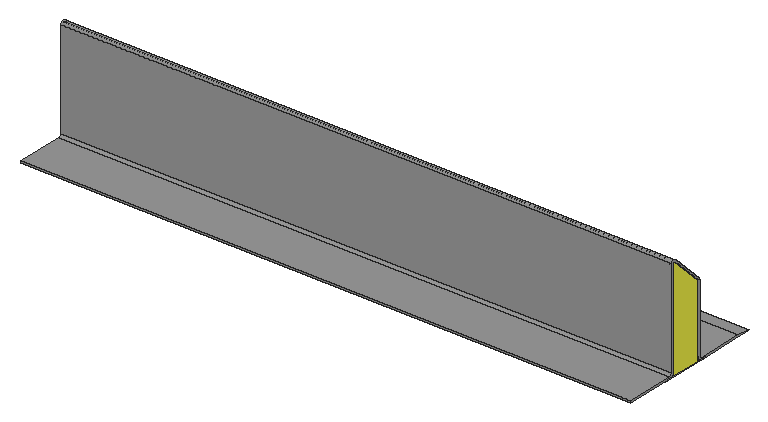
Revit family "XHD K 70 WOL", category Generic Models, Revit 2014
Parameters (values of type "Max lintel length 2100mm")
  URL = "http://www.keystonelintels.co.uk"
  Structural Opening [instance] = 900 mm
  Structural Performance = "The Keystone lintel range has safe working loads as detailed in each applicable loading table in the Keystone Lintel Guide brochure. The structural performance figures within each table have been ascertained by testing in accordance with the requirements of standards BS EN 5977-2: 1983 and BS EN 845-2: 2003."
  RIBA Productor Selector = "available for Keystone Lintels Ltd from Keystone Lintels Ltd from ribaproductselector.com"
  Model = "XHD/K 70 WOL"
  Min Length = 600 mm
  Min Clear Span = 300 mm
  Max Length = 2100 mm
  Max Clear Span = 2100 mm
  Material - Stainless Steel = "Grade 304 2b 1.4307 to BS EN 10088-2. Other grades available on request: contact manufacturer."
  Material - Galvanised Steel = "To BS EN 10346: 2009. DX51D plus Z600 or grade Z275 to BS 5977-2: 1983 (BS EN 845-2: 2003)."
  Manufacturer = "Keystone"
  Manufactured Length [instance] = (roundup(Effective Length / 150 mm) * 150 mm)  # 1200 mm
  Lintel height [instance] = 2100 mm
  Keynote = "F30/755"
  Fire Performance = "Keystone lintels have been subjected to a fire test (WARRES No. 101263) in accordance with BS 476-20: 1987, at Exova Warrington Fire and achieved a one hour fire performance."
  End Bearing = 150 mm
  Effective Length [instance] = Clear Opening with MIN MAX set + End Bearing * 2  # 1200 mm
  Corrosion = "Keystone’s standard range of lintels are manufactured from high quality grade pre-galvanized carbon steel with a zinc coating of 600"
  Contact Tel = "+44 (0)28 8676 2184"
  Contact Email = "info@keystonelintels.co.uk"
  Clear Opening with MIN MAX set [instance] = if(Structural Opening < Min Clear Span, Min Clear Span, (if(Structural Opening > Max Clear Span, Max Clear Span, Structural Opening)))  # 900 mm
  CPD Information = "Available for Keystone Lintels Ltd from ribacpd.com"
Reference planes
  plane 1 "Center (Front/Back)": y = 0
  plane 2: z = 0
  plane 3 "Center (Left/Right)": x = 0
  plane 4: x = -600
  plane 5: x = 600
  plane 6: z = 2100
  plane 7: x = -450
  plane 8: x = 450
Forms (mm)
  Extrusion 1, solid, material "Steel"
    sketch origin (0, 725.571, -508.221) x (0, 1, 0) y (0, 0, 1)
      loop
        line (-598.045, 2608.221) -> (-573.103, 2607.309) -> (-572.986, 2610.506) -> (-597.986, 2611.421) -> (-687.986, 2611.421)
        arc (-687.986, 2611.421) -> (-691.522, 2612.886) -> (-692.986, 2616.421) r 5
        line (-692.986, 2616.421) -> (-692.986, 2750.375)
        arc (-692.986, 2750.375) -> (-693.381, 2752.363) -> (-694.507, 2754.049) r 5.2
        line (-694.507, 2754.049) -> (-752.107, 2811.735)
        arc (-752.107, 2811.735) -> (-757.774, 2812.866) -> (-760.986, 2808.061) r 5.2
        line (-760.986, 2808.061) -> (-760.986, 2616.421)
        arc (-760.986, 2616.421) -> (-762.451, 2612.886) -> (-765.986, 2611.421) r 5
        line (-765.986, 2611.421) -> (-860.986, 2611.421) -> (-860.986, 2608.221) -> (-765.986, 2608.221)
        arc (-765.986, 2608.221) -> (-760.188, 2610.623) -> (-757.786, 2616.421) r 8.2
        line (-757.786, 2616.421) -> (-757.786, 2808.061)
        arc (-757.786, 2808.061) -> (-756.551, 2809.909) -> (-754.371, 2809.474) r 2
        line (-754.371, 2809.474) -> (-696.771, 2751.788)
        arc (-696.771, 2751.788) -> (-696.338, 2751.14) -> (-696.186, 2750.375) r 2
        line (-696.186, 2750.375) -> (-696.186, 2616.421)
        arc (-696.186, 2616.421) -> (-693.784, 2610.623) -> (-687.986, 2608.221) r 8.2
        line (-687.986, 2608.221) -> (-598.045, 2608.221)
    from -600 to 600
  Extrusion 2, solid, material "Steel"
    sketch origin (0, 725.571, -508.221) x (0, 1, 0) y (0, 0, 1)
      loop
        line (-774.486, 2607.221) -> (-679.486, 2607.221) -> (-679.486, 2608.221) -> (-696.486, 2608.221) -> (-696.486, 2616.221) -> (-697.486, 2616.221) -> (-697.486, 2608.221) -> (-774.486, 2608.221) -> (-774.486, 2607.221)
    from -600 to 600
  Extrusion 3, solid, material "Insulation"
    sketch origin (0, 725.571, -508.221) x (0, 1, 0) y (0, 0, 1)
      loop
        line (-757.786, 2808.061) -> (-757.786, 2616.421)
        arc (-757.786, 2616.421) -> (-760.188, 2610.623) -> (-765.986, 2608.221) r 8.2
        line (-765.986, 2608.221) -> (-697.486, 2608.221) -> (-697.486, 2616.221) -> (-696.486, 2616.221) -> (-696.486, 2608.221) -> (-687.986, 2608.221)
        arc (-687.986, 2608.221) -> (-693.784, 2610.623) -> (-696.186, 2616.421) r 8.2
        line (-696.186, 2616.421) -> (-696.186, 2750.375)
        arc (-696.186, 2750.375) -> (-696.338, 2751.14) -> (-696.771, 2751.788) r 2
        line (-696.771, 2751.788) -> (-754.371, 2809.474)
        arc (-754.371, 2809.474) -> (-756.551, 2809.909) -> (-757.786, 2808.061) r 2
    from -600 to 600
  Extrusion 4, solid, not visible
    sketch origin (0, 1044.346, 1265.859) x (0, 1, 0) y (0, 0, 1)
      loop
        line (-598.045, 1008.221) -> (-573.103, 1007.309) -> (-572.986, 1010.506) -> (-597.986, 1011.421) -> (-687.986, 1011.421)
        arc (-687.986, 1011.421) -> (-691.522, 1012.886) -> (-692.986, 1016.421) r 5
        line (-692.986, 1016.421) -> (-692.986, 1150.375)
        arc (-692.986, 1150.375) -> (-693.381, 1152.363) -> (-694.507, 1154.049) r 5.2
        line (-694.507, 1154.049) -> (-752.107, 1211.735)
        arc (-752.107, 1211.735) -> (-757.774, 1212.866) -> (-760.986, 1208.061) r 5.2
        line (-760.986, 1208.061) -> (-760.986, 1016.421)
        arc (-760.986, 1016.421) -> (-762.451, 1012.886) -> (-765.986, 1011.421) r 5
        line (-765.986, 1011.421) -> (-860.986, 1011.421) -> (-860.986, 1008.221) -> (-765.986, 1008.221)
        arc (-765.986, 1008.221) -> (-760.188, 1010.623) -> (-757.786, 1016.421) r 8.2
        line (-757.786, 1016.421) -> (-757.786, 1208.061)
        arc (-757.786, 1208.061) -> (-756.551, 1209.909) -> (-754.371, 1209.474) r 2
        line (-754.371, 1209.474) -> (-696.771, 1151.788)
        arc (-696.771, 1151.788) -> (-696.338, 1151.14) -> (-696.186, 1150.375) r 2
        line (-696.186, 1150.375) -> (-696.186, 1016.421)
        arc (-696.186, 1016.421) -> (-693.784, 1010.623) -> (-687.986, 1008.221) r 8.2
        line (-687.986, 1008.221) -> (-598.045, 1008.221)
    from 0 to 250
  Extrusion 5, solid, not visible
    sketch origin (0, 526.631, 1248.96) x (0, 1, 0) y (0, 0, 1)
      loop
        line (-757.786, 1208.061) -> (-757.786, 1016.421)
        arc (-757.786, 1016.421) -> (-760.188, 1010.623) -> (-765.986, 1008.221) r 8.2
        line (-765.986, 1008.221) -> (-697.486, 1008.221) -> (-697.486, 1016.221) -> (-696.486, 1016.221) -> (-696.486, 1008.221) -> (-687.986, 1008.221)
        arc (-687.986, 1008.221) -> (-693.784, 1010.623) -> (-696.186, 1016.421) r 8.2
        line (-696.186, 1016.421) -> (-696.186, 1150.375)
        arc (-696.186, 1150.375) -> (-696.338, 1151.14) -> (-696.771, 1151.788) r 2
        line (-696.771, 1151.788) -> (-754.371, 1209.474)
        arc (-754.371, 1209.474) -> (-756.551, 1209.909) -> (-757.786, 1208.061) r 2
    from 0 to 250
  Extrusion 6, solid, not visible
    sketch origin (0, 975.361, 1025.086) x (0, 1, 0) y (0, 0, 1)
      loop
        line (-774.486, 1007.221) -> (-679.486, 1007.221) -> (-679.486, 1008.221) -> (-696.486, 1008.221) -> (-696.486, 1016.221) -> (-697.486, 1016.221) -> (-697.486, 1008.221) -> (-774.486, 1008.221) -> (-774.486, 1007.221)
    from 0 to 250
Dimensions and locks
  equal spacing: plane 4, plane 3 "Center (Left/Right)", plane 5
  "Manufactured Length": plane 4 to plane 5
  "Lintel height": plane 6 to level
  "Structural Opening": plane 7 to plane 8
  equal spacing: plane 7, plane 3 "Center (Left/Right)", plane 8
  aligned and locked: level to plane 2
  aligned and locked: Extrusion 1 to plane 6
  aligned and locked: Extrusion 3 to plane 6
  aligned and locked: plane 6 to Extrusion 2
  aligned and locked: plane 5 to Extrusion 1
  aligned and locked: Extrusion 1 to plane 4
  aligned and locked: plane 5 to Extrusion 2
  aligned and locked: Extrusion 2 to plane 4
  aligned and locked: plane 5 to Extrusion 3
  aligned and locked: Extrusion 3 to plane 4
Automatic sketch dimensions
  Extrusion 1 sketch curve to Extrusion 1 sketch curve = 89.941 mm
  Extrusion 1 sketch curve to Extrusion 1 sketch curve = 0.913 mm
  Extrusion 1 sketch curve to Extrusion 1 sketch curve = 0.059 mm
  Extrusion 1 sketch curve to Extrusion 1 sketch curve = 0.117 mm
  Extrusion 1 sketch curve to Extrusion 1 sketch curve = 3.198 mm
  Extrusion 1 sketch curve to Extrusion 1 sketch curve = 5 mm  (x2)
  Extrusion 1 sketch curve to Extrusion 1 sketch curve = 0 mm  (x17)
  Extrusion 1 sketch curve to Extrusion 1 sketch curve = 133.954 mm
  Extrusion 1 sketch curve to Extrusion 1 sketch curve = 2 mm
  Extrusion 1 sketch curve to Extrusion 1 sketch curve = 0.585 mm
  Extrusion 1 sketch curve to Extrusion 1 sketch curve = 57.6 mm
  Extrusion 1 sketch curve to Extrusion 1 sketch curve = 57.686 mm
  Extrusion 1 sketch curve to Extrusion 1 sketch curve = 2.264 mm  (x2)
  Extrusion 1 sketch curve to Extrusion 1 sketch curve = 2.261 mm
  Extrusion 1 sketch curve to Extrusion 1 sketch curve = 1.415 mm
  Extrusion 1 sketch curve to Extrusion 1 sketch curve = 1.413 mm
  Extrusion 1 sketch curve to Extrusion 1 sketch curve = 95 mm
  Extrusion 2 sketch curve to Extrusion 2 sketch curve = 95 mm
  Extrusion 2 sketch curve to Extrusion 2 sketch curve = 1 mm  (x2)
  Extrusion 2 sketch curve to Extrusion 2 sketch curve = 17 mm
  Extrusion 2 sketch curve to Extrusion 2 sketch curve = 8 mm
  Extrusion 2 sketch curve to Extrusion 2 sketch curve = 0 mm
  Extrusion 3 sketch curve to Extrusion 3 sketch curve = 1.415 mm  (x2)
  Extrusion 3 sketch curve to Extrusion 3 sketch curve = 2 mm
  Extrusion 3 sketch curve to Extrusion 3 sketch curve = 57.6 mm
  Extrusion 3 sketch curve to Extrusion 3 sketch curve = 57.686 mm
  Extrusion 3 sketch curve to Extrusion 3 sketch curve = 135.367 mm
  Extrusion 3 sketch curve to Extrusion 3 sketch curve = 1.413 mm
  Extrusion 3 sketch curve to Extrusion 3 sketch curve = 0 mm  (x3)
  Extrusion 3 sketch curve to Extrusion 3 sketch curve = 8.2 mm  (x3)
  Extrusion 3 sketch curve to Extrusion 3 sketch curve = 0.3 mm
  Extrusion 3 sketch curve to Extrusion 3 sketch curve = 0.2 mm
  Extrusion 3 sketch curve to Extrusion 3 sketch curve = 1 mm
  Extrusion 3 sketch curve to Extrusion 3 sketch curve = 8 mm
  Extrusion 4 sketch curve to Extrusion 4 sketch curve = 89.941 mm
  Extrusion 4 sketch curve to Extrusion 4 sketch curve = 0.913 mm
  Extrusion 4 sketch curve to Extrusion 4 sketch curve = 0.059 mm
  Extrusion 4 sketch curve to Extrusion 4 sketch curve = 0.117 mm
  Extrusion 4 sketch curve to Extrusion 4 sketch curve = 3.198 mm
  Extrusion 4 sketch curve to Extrusion 4 sketch curve = 5 mm  (x2)
  Extrusion 4 sketch curve to Extrusion 4 sketch curve = 0 mm  (x17)
  Extrusion 4 sketch curve to Extrusion 4 sketch curve = 133.954 mm
  Extrusion 4 sketch curve to Extrusion 4 sketch curve = 2 mm
  Extrusion 4 sketch curve to Extrusion 4 sketch curve = 0.585 mm
  Extrusion 4 sketch curve to Extrusion 4 sketch curve = 57.6 mm
  Extrusion 4 sketch curve to Extrusion 4 sketch curve = 57.686 mm
  Extrusion 4 sketch curve to Extrusion 4 sketch curve = 2.264 mm  (x2)
  Extrusion 4 sketch curve to Extrusion 4 sketch curve = 2.261 mm
  Extrusion 4 sketch curve to Extrusion 4 sketch curve = 1.415 mm
  Extrusion 4 sketch curve to Extrusion 4 sketch curve = 1.413 mm
  Extrusion 4 sketch curve to Extrusion 4 sketch curve = 95 mm
  Extrusion 5 sketch curve to Extrusion 5 sketch curve = 1.415 mm  (x2)
  Extrusion 5 sketch curve to Extrusion 5 sketch curve = 2 mm
  Extrusion 5 sketch curve to Extrusion 5 sketch curve = 57.6 mm
  Extrusion 5 sketch curve to Extrusion 5 sketch curve = 57.686 mm
  Extrusion 5 sketch curve to Extrusion 5 sketch curve = 135.367 mm
  Extrusion 5 sketch curve to Extrusion 5 sketch curve = 1.413 mm
  Extrusion 5 sketch curve to Extrusion 5 sketch curve = 0 mm  (x3)
  Extrusion 5 sketch curve to Extrusion 5 sketch curve = 8.2 mm  (x3)
  Extrusion 5 sketch curve to Extrusion 5 sketch curve = 0.3 mm
  Extrusion 5 sketch curve to Extrusion 5 sketch curve = 0.2 mm
  Extrusion 5 sketch curve to Extrusion 5 sketch curve = 1 mm
  Extrusion 5 sketch curve to Extrusion 5 sketch curve = 8 mm
  Extrusion 6 sketch curve to Extrusion 6 sketch curve = 95 mm
  Extrusion 6 sketch curve to Extrusion 6 sketch curve = 1 mm  (x2)
  Extrusion 6 sketch curve to Extrusion 6 sketch curve = 17 mm
  Extrusion 6 sketch curve to Extrusion 6 sketch curve = 8 mm
  Extrusion 6 sketch curve to Extrusion 6 sketch curve = 0 mm
  Extrusion 3 sketch curve to plane 6 = 0 mm
  plane 1 "Center (Front/Back)" to Extrusion 3 sketch curve = 40.415 mm
  Extrusion 1 sketch curve to plane 6 = 0 mm
  plane 1 "Center (Front/Back)" to Extrusion 1 sketch curve = 135.415 mm
  Extrusion 2 sketch curve to plane 6 = 0 mm
  plane 1 "Center (Front/Back)" to Extrusion 2 sketch curve = 48.915 mm
